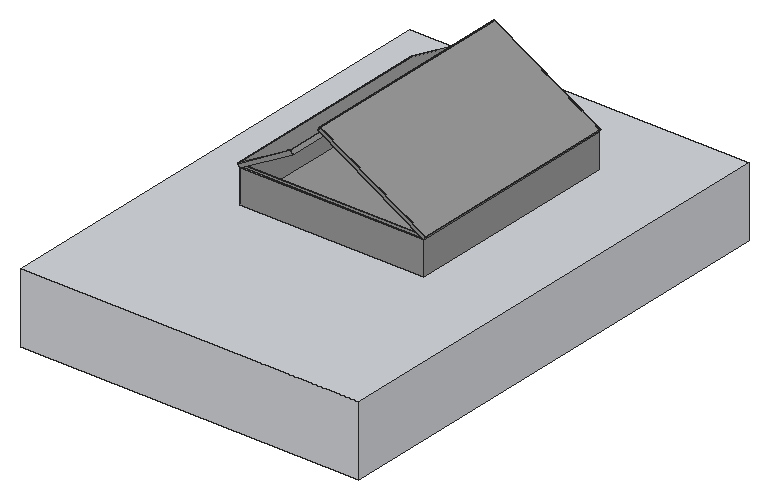
Revit family "Hager-Univers-IP44-D161-Cl.II-FWQ-encl-NL-en", category Equipement électrique, Revit 2020
Family settings
  Hôte = Face
  Configuration du panneau = Deux colonnes, circuits au sein
  Cote de connecteur circulaire = Utiliser le diamètre
  Type d'élément = Tableau de raccordement
  Couper avec des vides une fois chargée = Non
  Partagée = Non
  Point de calcul de pièce = Non
Parameters (values of type "Surface mounted (plaster) IP44 W800 H950 D161  - FWQ63N")
  Width Control [instance] = if([EF000008 - Width] > Min Width, [EF000008 - Width], Min Width)  # 800 mm
  Commentaires du type = [HG000003 - Range]  # "Univers"
  Thickness Door [instance] = if([EF009171 - Material plate thickness door/cover] > 3 mm, 3 mm, [EF009171 - Material plate thickness door/cover])  # 2 mm
  Seal Frame Offset [instance] = 17 mm  # constant formula
  Plinth Visibility [instance] = [HG000027 - Plinth height] > 0 mm  # no
  Model = ""
  Min Width [instance] = 100 mm  # constant formula
  Min Height [instance] = 100 mm  # constant formula
  Min Depth [instance] = (2 * [EF009170 - Material plate thickness cabinet]) + 1 mm  # 5 mm
  Internal Frame Depth [instance] = (Door System Depth * 0.5)  # 9 mm
  Height Control [instance] = if([EF000040 - Height] > Min Height, [EF000040 - Height], Min Height)  # 950 mm
  HG000027 - Plinth height = 0 mm
  HG000026 - Floor standing = no
  HG000024 - Bottom section height = 800 mm
  HG000023 - Double section enclosure = no
  HG000016 - Door 3d visibility [instance] = yes
  HG000015 - Clearance visibility [instance] = no
  HG000014 - Door on the right [instance] = yes
  HG000013 - Door on the left [instance] = not([HG000014 - Door on the right])  # no
  HG000012 - Door swing angle [instance] = 30.00°
  HG000010 - Asymmetric doors = yes
  HG000009 - Double swing door = yes
  HG000006 - Flush mounted = no
  HG000004 - Manufacturer reference = "FWQ63N"
  HG000003 - Range = "Univers"
  HG000002 - With door or cover = yes
  Frame Offset Bottom [instance] = 10 mm  # constant formula
  Frame Offset [instance] = 15 mm  # constant formula
  EF015940 - Cover with overpressure release = no
  EF011959 - Degree of protection (NEMA) = ""
  EF009554 - Number of openings for flange plates = 6
  EF009212 - Cover model = "EV009916 - With notch"
  EF009171 - Material plate thickness door/cover = 2 mm
  EF009170 - Material plate thickness cabinet = 2 mm
  Fabricant = "Hager"  # constant formula
  EF008873 - Nominal current (In) = 125 A
  EF007800 - Suitable for lightning protection = no
  EF006306 - With lock = no
  EF006244 - Transparent cover/door = no
  EF005474 - Degree of protection (IP) = "EV006418 - IP44"
  EF004464 - Type of door = "EV002646 - Single"
  EF004427 - Number of modules = 144
  EF004293 - Impact strength = "EV006815 - IK09"
  EF003532 - Suitable for outdoor use = no
  EF002950 - Width in number of modular spacings = 36
  EF001613 - Circuit integrity = "EV000494 - None"
  EF001596 - Material housing = "EV000179 - Steel"
  EF001131 - Internal depth = 161 mm
  EF001088 - Extension possible = yes
  EF000437 - Number of conduit inlets = 12
  EF000339 - Type of cover = "EV001012 - Cover"
  EF000266 - Number of rows = 3
  EF000218 - Built-in depth = 0 mm
  EF000118 - With mounting plate = yes
  EF000116 - RAL-number = "9010"
  EF000049 - Depth = 161 mm
  EF000040 - Height = 950 mm
  EF000008 - Width = 800 mm
  EF000007 - Colour = "EV000202 - White"
  EF000003 - Mounting method = "EV000384 - Surface mounted (plaster)"
  Door System Leaf Tolerance [instance] = 1.5 mm  # constant formula
  Door System Depth [instance] = 18 mm  # constant formula
  Door Height [instance] = Height Control - [HG000027 - Plinth height]  # 950 mm
  Depth Control [instance] = if([EF000049 - Depth] > Min Depth, [EF000049 - Depth], Min Depth)  # 161 mm
  Default Elevation = 0 mm
  Connector Offset [instance] = Height Control / 2  # 475 mm
  Bottom Top Plate Trim [instance] = 1.5 mm  # constant formula
  Plinth height Ctrl [instance] = if([HG000027 - Plinth height] > 0 mm, [HG000027 - Plinth height], 12 mm)  # 12 mm
Types (14, lengths in mm): name | Width Control | Height Control | HG000010 - Asymmetric doors | HG000009 - Double swing door | HG000004 - Manufacturer reference | EF009554 - Number of openings for flange plates | EF004427 - Number of modules | EF002950 - Width in number of modular spacings | EF000437 - Number of conduit inlets | EF000266 - Number of rows | EF000040 - Height | EF000008 - Width | Door Height | Connector Offset
  Surface mounted (plaster) IP44 W1050 H1100 D161  - FWQ74N | 1050 | 1100 | no | yes | "FWQ74N" | 8 | 240 | 48 | 16 | 4 | 1100 | 1050 | 1100 | 550
  Surface mounted (plaster) IP44 W1050 H500 D161  - FWQ34P | 1050 | 500 | no | yes | "FWQ34P" | 8 | 144 | 48 | 16 | 4 | 500 | 1050 | 500 | 250
  Surface mounted (plaster) IP44 W1050 H650 D161  - FWQ44P | 1050 | 650 | no | yes | "FWQ44P" | 8 | 192 | 48 | 16 | 4 | 650 | 1050 | 650 | 325
  Surface mounted (plaster) IP44 W300 H650 D161  - FWQ41P | 300 | 650 | no | no | "FWQ41P" | 2 | 48 | 12 | 4 | 1 | 650 | 300 | 650 | 325
  Surface mounted (plaster) IP44 W550 H1100 D161  - FWQ72N | 550 | 1100 | no | no | "FWQ72N" | 4 | 120 | 24 | 8 | 2 | 1100 | 550 | 1100 | 550
  Surface mounted (plaster) IP44 W550 H500 D161  - FWQ32P | 550 | 500 | no | no | "FWQ32P" | 4 | 96 | 24 | 8 | 8 | 500 | 550 | 500 | 250
  Surface mounted (plaster) IP44 W550 H650 D161  - FWQ42P | 550 | 650 | no | no | "FWQ42P" | 4 | 96 | 24 | 8 | 2 | 650 | 550 | 650 | 325
  Surface mounted (plaster) IP44 W550 H800 D161  - FWQ52N | 550 | 800 | no | no | "FWQ52N" | 4 | 72 | 24 | 8 | 2 | 800 | 550 | 800 | 400
  Surface mounted (plaster) IP44 W550 H950 D161  - FWQ62N | 550 | 950 | no | no | "FWQ62N" | 4 | 96 | 24 | 8 | 2 | 950 | 550 | 950 | 475
  Surface mounted (plaster) IP44 W800 H1100 D161  - FWQ73N | 800 | 1100 | yes | yes | "FWQ73N" | 6 | 180 | 36 | 12 | 3 | 1100 | 800 | 1100 | 550
  Surface mounted (plaster) IP44 W800 H500 D161  - FWQ33P | 800 | 500 | yes | yes | "FWQ33P" | 6 | 108 | 36 | 12 | 3 | 500 | 800 | 500 | 250
  Surface mounted (plaster) IP44 W800 H650 D161  - FWQ43P | 800 | 650 | yes | yes | "FWQ43P" | 6 | 144 | 36 | 12 | 3 | 650 | 800 | 650 | 325
  Surface mounted (plaster) IP44 W800 H800 D161  - FWQ53N | 800 | 800 | yes | yes | "FWQ53N" | 6 | 108 | 36 | 12 | 3 | 800 | 800 | 800 | 400
  Surface mounted (plaster) IP44 W800 H950 D161  - FWQ63N | 800 | 950 | yes | yes | "FWQ63N" | 6 | 144 | 36 | 12 | 3 | 950 | 800 | 950 | 475
Reference planes
  plane 1 "Center (Front/Back)": y = 0
  plane 2: z = 0
  plane 3 "Center (Left/Right)": x = 0
  plane 4: z = 161
  plane 5: y = 2
  plane 6: y = 475
  plane 7: y = 0
  plane 8: y = 950
  plane 9: z = 0
  plane 10: x = -385
  plane 11: x = 385
  plane 12: x = 383
  plane 13: x = -383
  plane 14: y = 948
  plane 15: x = -383
  plane 16: x = -400
  plane 17: x = 383
  plane 18: x = 400
  plane 19: x = 398
  plane 20: x = -398
  plane 21: y = 12
  plane 22: y = 950
  plane 23: y = 933
  plane 24: z = 143
  plane 25: z = 2
  plane 26: z = 141
  plane 27: z = 159
Forms (mm)
  Extrusion 1, solid
    sketch origin (0, 0, 0) x (1, 0, 0) y (0, 1, 0)
      loop
        line (-702.964, 1305) -> (-702.964, -811.445) -> (766.763, -811.445) -> (766.763, 1305) -> (-702.964, 1305)
    from 0 to -304.8
  Extrusion 2, solid, material "Hager_Steel_RAL7035_Light_Grey", visible <- "Plinth Visibility", detail levels medium+fine
    sketch origin (0, 0, 0) x (1, 0, 0) y (0, 1, 0)
      loop
        line (-400, 0) -> (400, 0) -> (400, 12) -> (-400, 12) -> (-400, 0)
    from 0 to 143
  Extrusion 3, solid, material "Hager_Steel_RAL7035_Light_Grey", detail levels medium+fine
    sketch origin (0, 0, 0) x (1, 0, 0) y (0, 1, 0)
      loop
        line (-400, 0) -> (400, 0) -> (400, 950) -> (-400, 950) -> (-400, 0)
    from 0 to 143
  Extrusion 4, void
    sketch origin (0, 0, 0) x (1, 0, 0) y (0, 1, 0)
      loop
        line (-398, 2) -> (398, 2) -> (398, 948) -> (-398, 948) -> (-398, 2)
    from 2 to 141
  Extrusion 5, void
    sketch origin (-381.607, -4572, 143) x (0, -1, 0) y (-1, 0, 0)
      loop
        line (-4584, 1.393) -> (-5505, 1.393) -> (-5505, -764.607) -> (-4584, -764.607) -> (-4584, 1.393)
    from 0 to 2 <- "EF009170 - Material plate thickness cabinet"
  Extrusion 6, solid, material "Hager_Steel_RAL7035_Light_Grey", detail levels fine
    sketch origin (0, 0, 143) x (1, 0, 0) y (0, 1, 0)
      loop
        line (-383, 933) -> (-383, 12) -> (383, 12) -> (383, 933) -> (-383, 933)
      loop
        line (-385, 10) -> (385, 10) -> (385, 935) -> (-385, 935) -> (-385, 10)
    from 0 to 9 <- "Internal Frame Depth"
  Extrusion 7, solid, material "Hager_Steel_RAL7035_Light_Grey", detail levels coarse
    sketch origin (0, 0, 0) x (1, 0, 0) y (0, 1, 0)
      loop
        line (-400, 0) -> (400, 0) -> (400, 950) -> (-400, 950) -> (-400, 0)
    from 0 to 161
  Sweep 8, void
    path in 3D
      loop
        line (-400, 12, 0) -> (400, 12, 0) -> (400, 12, 143) -> (-400, 12, 143) -> (-400, 12, 0)
    profile origin (-400, 12, 71.5) x (-1, 0, 0) y (0, -1, 0)
      loop
        line (0, 0) -> (0, 1.5) -> (-1.5, 1.5)
        arc (-1.5, 1.5) -> (-1.061, 0.439) -> (0, 0) r 1.5
Cuts and joins
  Extrusion 4, Extrusion 5 cuts Extrusion 3
  Sweep 8 cuts Extrusion 2
Lines and regions (mm)
  Masking region 1
    outline origin (0, 0, 0) x (1, 0, 0) y (0, 0, 1)
      loop
        line (-400, 161) -> (-400, 0) -> (400, 0) -> (400, 161) -> (-400, 161)
  Masking region 2, detail levels medium+fine
    outline origin (0, 140, 0) x (0, 1, 0) y (0, 0, 1)
      loop
        line (-140, 0) -> (810, 0) -> (810, 143) -> (-140, 143) -> (-140, 0)
  Masking region 3, not visible, detail levels medium+fine
    outline origin (0, 297.922, 0) x (0, 1, 0) y (0, 0, 1)
      loop
        line (188.578, 0) -> (228.578, 0) -> (228.578, 149)
        arc (228.578, 149) -> (225.649, 156.071) -> (218.578, 159) r 10
        line (218.578, 159) -> (188.578, 159) -> (188.578, 0)
  Masking region 4, detail levels coarse
    outline origin (0, 0, 180) x (0, 1, 0) y (0, 0, 1)
      loop
        line (0, -180) -> (950, -180) -> (950, -19) -> (0, -19) -> (0, -180)
  Masking region 5, visible <- "Plinth Visibility", detail levels medium+fine
    outline origin (0, 52.24, 12.345) x (0, 0, -1) y (0, 1, 0)
      loop
        line (10.845, -40.24) -> (-129.155, -40.24)
        arc (-129.155, -40.24) -> (-129.594, -41.301) -> (-130.655, -41.74) r 1.5
        line (-130.655, -41.74) -> (-130.655, -52.24) -> (12.345, -52.24) -> (12.345, -41.74)
        arc (12.345, -41.74) -> (11.285, -41.301) -> (10.845, -40.24) r 1.5
  Masking region 6, detail levels medium+fine
    outline origin (-381.607, -4572, 143) x (-1, 0, 0) y (0, -1, 0)
      loop
        line (18.393, -5522) -> (18.393, -4572) -> (-781.607, -4572) -> (-781.607, -5522) -> (18.393, -5522)
  Masking region 7, visible <- "Plinth Visibility", detail levels medium+fine
    outline origin (-381.607, -4727, 143) x (-1, 0, 0) y (0, -1, 0)
      loop
        arc (16.893, -4739) -> (17.332, -4737.939) -> (18.393, -4737.5) r 1.5
        line (18.393, -4737.5) -> (18.393, -4727) -> (-781.607, -4727) -> (-781.607, -4737.5)
        arc (-781.607, -4737.5) -> (-780.546, -4737.939) -> (-780.107, -4739) r 1.5
        line (-780.107, -4739) -> (16.893, -4739)
  Masking region 8, detail levels coarse
    outline origin (-442.548, -4669.526, 143) x (-1, 0, 0) y (0, -1, 0)
      loop
        line (-42.548, -5619.526) -> (-42.548, -4669.526) -> (-842.548, -4669.526) -> (-842.548, -5619.526) -> (-42.548, -5619.526)
  sketch lines
    curve 1: line (-400, 12, 143) -> (-400, 12, 0)
    curve 2: line (400, 12, 143) -> (-400, 12, 143)
    curve 3: line (400, 12, 143) -> (400, 12, 0)
    curve 4: line (-400, 12, 0) -> (400, 12, 0)
Dimensions and locks
  "Depth Control": plane 4 to Extrusion 1
  "HG000027 - Plinth height": plane 1 "Center (Front/Back)" to plane 7
  "EF009170 - Material plate thickness cabinet": plane 5 to plane 7
  locked: connector elem to plane 3 "Center (Left/Right)"
  equal spacing: plane 8, plane 6, plane 7
  locked: connector elem to plane 6
  "EF009170 - Material plate thickness cabinet": plane 8 to plane 14
  "EF009170 - Material plate thickness cabinet": plane 10 to plane 13
  "EF009170 - Material plate thickness cabinet": plane 12 to plane 11
  "Frame Offset": plane 20 to plane 13
  "Frame Offset": plane 12 to plane 19
  "EF009170 - Material plate thickness cabinet": plane 16 to plane 20
  "EF009170 - Material plate thickness cabinet": plane 19 to plane 18
  "Seal Frame Offset": plane 16 to plane 15
  "Seal Frame Offset": plane 17 to plane 18
  "Frame Offset Bottom": plane 21 to plane 5
  "Frame Offset": plane 14 to plane 23
  equal spacing: plane 16, plane 3 "Center (Left/Right)", plane 18
  "Width Control": plane 16 to plane 18
  "EF009170 - Material plate thickness cabinet": plane 4 to plane 27
  "EF009170 - Material plate thickness cabinet": plane 24 to plane 26
  "EF009170 - Material plate thickness cabinet": plane 25 to level
  "Door System Depth": plane 4 to plane 24
  "Height Control": plane 1 "Center (Front/Back)" to Extrusion 7 sketch curve
  "Height Control": Masking region 4 sketch curve to plane 1 "Center (Front/Back)"
  "Height Control": plane 1 "Center (Front/Back)" to plane 22
  "Bottom Top Plate Trim": profile plane to Sweep 8 sketch curve
  "Bottom Top Plate Trim": Sweep 8 sketch curve to profile plane
  "Plinth height Ctrl": plane 1 "Center (Front/Back)" to Extrusion 2 sketch curve
  "Plinth height Ctrl": Masking region 5 sketch curve to plane 1 "Center (Front/Back)"
  "Plinth height Ctrl": plane 1 "Center (Front/Back)" to Masking region 7 sketch curve
  "Thickness Door": Extrusion 6 sketch curve to Extrusion 6 sketch curve  (x3)
  "Thickness Door": cut or joined group of Extrusion 3, Extrusion 4, Extrusion 5 to Extrusion 6 sketch curve
  radius of Masking region 3 sketch curve = 10 mm
  "Bottom Top Plate Trim": radius of Masking region 5 sketch curve  (x2)
  "Bottom Top Plate Trim": radius of Sweep 8 sketch curve
  "Bottom Top Plate Trim": radius of Masking region 7 sketch curve  (x2)
  aligned and locked: plane 2 to Extrusion 1
  aligned and locked: level to Extrusion 1
  aligned and locked: level to Masking region 1 sketch curve
  aligned and locked: Masking region 1 sketch curve to plane 18
  aligned and locked: Masking region 1 sketch curve to plane 16
  aligned and locked: plane 7 to Masking region 2 sketch curve
  aligned and locked: level to Masking region 3 sketch curve
  aligned and locked: Masking region 3 sketch curve to plane 27
  aligned and locked: level to Masking region 2 sketch curve
  aligned and locked: plane 1 "Center (Front/Back)" to Extrusion 2 sketch curve
  aligned and locked: Extrusion 3 sketch curve to plane 7
  aligned and locked: plane 16 to Extrusion 3 sketch curve
  aligned and locked: plane 18 to Extrusion 3 sketch curve
  aligned and locked: plane 20 to Extrusion 4 sketch curve
  aligned and locked: plane 19 to Extrusion 4 sketch curve
  aligned and locked: Extrusion 4 sketch curve to plane 5
  aligned and locked: Extrusion 4 to plane 25
  aligned and locked: plane 26 to Extrusion 4
  aligned and locked: plane 24 to Extrusion 3
  aligned and locked: Extrusion 5 sketch curve to plane 21
  aligned and locked: Extrusion 5 sketch curve to plane 13
  aligned and locked: Extrusion 5 sketch curve to plane 12
  aligned and locked: plane 18 to Extrusion 7 sketch curve
  aligned and locked: plane 1 "Center (Front/Back)" to Extrusion 7 sketch curve
  aligned and locked: plane 16 to Extrusion 7 sketch curve
  aligned and locked: plane 4 to Extrusion 7
  aligned and locked: Extrusion 7 to level
  aligned and locked: level to Masking region 4 sketch curve
  aligned and locked: Masking region 4 sketch curve to plane 1 "Center (Front/Back)"
  aligned and locked: Masking region 4 sketch curve to plane 4
  aligned and locked: nested 1 to level
  aligned and locked: nested 1 to plane 16
  aligned and locked: plane 8 to Extrusion 3 sketch curve
  aligned and locked: plane 23 to Extrusion 5 sketch curve
  aligned and locked: plane 14 to Extrusion 4 sketch curve
  aligned and locked: Masking region 2 sketch curve to plane 8
  aligned and locked: level to Masking region 5 sketch curve
  aligned and locked: plane 16 to Extrusion 2 sketch curve
  aligned and locked: plane 18 to Extrusion 2 sketch curve
  aligned and locked: Masking region 5 sketch curve to plane 24
  aligned and locked: Masking region 2 sketch curve to plane 24
  aligned and locked: plane 24 to Extrusion 2
  aligned and locked: profile plane to Sweep 8 sketch curve  (x2)
  aligned and locked: Masking region 6 sketch curve to plane 18
  aligned and locked: Masking region 6 sketch curve to plane 22
  aligned and locked: Masking region 6 sketch curve to plane 16
  aligned and locked: plane 8 to plane 22
  aligned and locked: Masking region 6 sketch curve to plane 7
  aligned and locked: Masking region 7 sketch curve to plane 16
  aligned and locked: Masking region 7 sketch curve to plane 1 "Center (Front/Back)"
  aligned and locked: Masking region 7 sketch curve to plane 18
  aligned and locked: Masking region 8 sketch curve to plane 1 "Center (Front/Back)"
  aligned and locked: Masking region 8 sketch curve to plane 18
  aligned and locked: Masking region 8 sketch curve to plane 22
  aligned and locked: Masking region 8 sketch curve to plane 16
  aligned and locked: nested 2 to plane 7
  aligned and locked: plane 3 "Center (Left/Right)" to nested 2
  aligned and locked: nested 2 to plane 24
  aligned and locked: Extrusion 6 sketch curve to cut or joined group of Extrusion 3, Extrusion 4, Extrusion 5  (x4)
Automatic sketch dimensions
  Extrusion 1 sketch curve to Extrusion 1 sketch curve = 1469.727 mm
  Extrusion 1 sketch curve to Extrusion 1 sketch curve = 2116.445 mm
  Masking region 1 sketch curve to plane 4 = 0 mm
  plane 6 to Masking region 3 sketch curve = 11.5 mm
  Masking region 3 sketch curve to Masking region 3 sketch curve = 30 mm
  Masking region 5 sketch curve to plane 1 "Center (Front/Back)" = 0 mm
Nested families
  nested 1: "Hager_Enclosure_Symbol" at (-400, 0, 0) x (1, 0, 0) z (0, -1, 0), Height <- "Depth Control", Width <- "Width Control", type "Hager_Enclosure_Symbol"
    with Width_Ctrl 800 mm, Width 800 mm, Height_Ctrl 161 mm, Height 161 mm, A_Width_Int 10.566 mm, A_Width 126.788 mm, A_Height_Ctrl 140.875 mm, A_Height 140.875 mm
  nested 2: "EC000058_Univers_Door" at (0, 0, 143) x (1, 0, 0) z (0, 1, 0), Leaf_Tolerance <- "Door System Leaf Tolerance", Angle <- "HG000012 - Door swing angle", Door_Depth <- "Door System Depth", Door_Left <- "HG000013 - Door on the left", Transparent <- "EF006244 - Transparent cover/door", Assymetrical <- "HG000010 - Asymmetric doors", Width <- "Width Control", Clearance <- "HG000015 - Clearance visibility", Double <- "HG000009 - Double swing door", 3d_Door <- "HG000016 - Door 3d visibility", Lock_Visibility <- "EF006306 - With lock", Width_Ctrl <- "Width Control", Door_Right <- "HG000014 - Door on the right", Door <- "HG000002 - With door or cover", Height <- "Door Height", Thickness <- "Thickness Door", type "EC000058_Univers_Door", detail levels medium+fine
    with min_wh 5 mm, Width_Ctrl 800 mm, Width 800 mm, Transparent no, Thickness 2 mm, Seal_Material Hager_Rubber, Lock_Visibility no, Lock_Material Hager_Plastic_RAL9005_Jet_Black, Leaf_Width 800 mm, Leaf_Tolerance_External_Sides 0 mm, Leaf_Tolerance 1.5 mm, Leaf_Offset 0 mm, Leaf_Height 947 mm, Leaf_2_Width 532.583 mm, Leaf_2_Offset 266.292 mm, Leaf_1_Width 265.917 mm, Leaf_1_Offset 132.958 mm, Height_Ctrl 950 mm, Height 950 mm, Glass_Material Hager_Glass, Double_Clearance_Ctrl no, Double yes, Door_Right_Ctrl yes, Door_Right yes, Door_Material Hager_Steel_RAL7035_Light_Grey, Door_Left_Ctrl yes, Door_Left no, Door_Depth 18 mm, Door yes, Clearance_Material Hager_Clearance, Clearance_Depth 532.583 mm, Clearance_Ctrl no, Clearance no, Assymetrical yes, Angle 30.00°, 3d_Door yes
Connectors
  electrical at (0, 475, 0)
    settings: on plane 9, index 1, voltage 0 V, apparent load 0 VA, apparent load phase1 0 VA, apparent load phase2 0 VA, apparent load phase3 0 VA, power factor 1, load classification "Other", number of poles 1, system type 30, power factor state 1, is connector primary yes, connector utility no, sub classification motor no, connector description ""
Definition of nested family "EC000058_Univers_Door"
  Parameters (values of type "EC000058_Univers_Door")
    min_wh [instance] = (2 * Thickness) + 1 mm  # 11 mm
    Width_Ctrl [instance] = 400 mm
    Width [instance] = 500 mm
    Transparent [instance] = yes
    Thickness [instance] = 5 mm
    Seal_Material [instance] = none
    Lock_Visibility [instance] = yes
    Lock_Material [instance] = none
    Leaf_Width [instance] = if((Width_Ctrl - 2 * Leaf_Tolerance_External_Sides) > 0 mm, (Width_Ctrl - 2 * Leaf_Tolerance_External_Sides), min_wh)  # 400 mm
    Leaf_Tolerance_External_Sides [instance] = 0 mm  # constant formula
    Leaf_Tolerance [instance] = 1.5 mm
    Leaf_Offset [instance] = 0 mm  # constant formula
    Leaf_Height [instance] = if((Height_Ctrl - 2 * Leaf_Tolerance) > 0 mm, (Height_Ctrl - 2 * Leaf_Tolerance), min_wh)  # 497 mm
    Leaf_2_Width [instance] = if(and(and(Double, Assymetrical), Door_Left), (Leaf_Width / 3) - (Leaf_Tolerance / 2), if(and(and(Double, Assymetrical), Door_Right), (Leaf_Width / 3) * 2 - (Leaf_Tolerance / 2), if(and(Double, not(Assymetrical)), (Leaf_Width / 2) - Leaf_Tolerance, Leaf_Width)))  # 400 mm
    Leaf_2_Offset [instance] = if(and(Double, Assymetrical), Leaf_2_Width / 2, if(and(Double, not(Assymetrical)), Leaf_Width / 4, Leaf_Width / 2))  # 200 mm
    Leaf_1_Width [instance] = if(and(and(Double, Assymetrical), Door_Right), (Leaf_Width / 3) - (Leaf_Tolerance / 2), if(and(and(Double, Assymetrical), Door_Left), (Width / 3) * 2 - (Leaf_Tolerance / 2), if(and(Double, not(Assymetrical)), (Leaf_Width / 2) - Leaf_Tolerance, Leaf_Width)))  # 400 mm
    Leaf_1_Offset [instance] = if(and(Double, Assymetrical), Leaf_1_Width / 2, if(and(Double, not(Assymetrical)), Leaf_Width / 4, Leaf_Width / 2))  # 200 mm
    Height_Ctrl [instance] = if(Height > min_wh, Height, min_wh)  # 500 mm
    Height [instance] = 500 mm
    Glass_Material [instance] = none
    Double_Clearance_Ctrl [instance] = and(Double, Clearance)  # no
    Double [instance] = no
    Door_Right_Ctrl [instance] = and(or(Door_Right, Double), Door)  # yes
    Door_Right [instance] = yes
    Door_Material [instance] = none
    Door_Left_Ctrl [instance] = and(or(Door_Left, Double), Door)  # no
    Door_Left [instance] = no
    Door_Depth [instance] = 30 mm
    Door [instance] = yes
    Default Elevation = 1219.2 mm
    Clearance_Material [instance] = none
    Clearance_Depth [instance] = if(Leaf_1_Width > Leaf_2_Width, Leaf_1_Width, Leaf_2_Width)  # 400 mm
    Clearance_Ctrl [instance] = and(not(Double), Clearance)  # yes
    Clearance [instance] = yes
    Assymetrical [instance] = yes
    Angle [instance] = 30.00°
    3d_Door [instance] = yes
  Reference planes
    plane 1 "Center (Front/Back)": y = 0
    plane 2 "Bottom": z = 0
    plane 3 "Center (Left/Right)": x = 0
    plane 4: z = 500
    plane 5: x = -200
    plane 6: x = 200
    plane 7: z = 500
    plane 8: x = -200
    plane 9: z = 0
    plane 10: x = 200
    plane 11: y = 0
    plane 12: z = 1.5
    plane 13: x = -600
    plane 14: y = -400
    plane 15: x = 600
    plane 16: x = 0
    plane 17: x = 0
    plane 18: x = -200
    plane 19: x = 200
    plane 20: z = 498.5
  Forms (mm)
    Extrusion 1, solid, material <- "Clearance_Material", visible <- "Double_Clearance_Ctrl"
      sketch origin (1200, 0, 0) x (1, 0, 0) y (0, 0, -1)
        loop
          line (-1800, -498.5) -> (-600, -498.5) -> (-600, 0) -> (-1800, 0) -> (-1800, -498.5)
      from 0 to -400
  Dimensions and locks
    equal spacing: plane 5, plane 3 "Center (Left/Right)", plane 6
    "Width_Ctrl": plane 5 to plane 6
    "Leaf_Offset": plane 5 to plane 8
    "Leaf_Offset": plane 6 to plane 10
    "Leaf_Offset": plane 9 to level
    "Leaf_Offset": plane 4 to plane 7
    "Height_Ctrl": plane 4 to level
    "Leaf_Tolerance": plane 12 to plane 9
    locked: plane 11 to plane 1 "Center (Front/Back)"
    "Leaf_1_Offset": plane 18 to plane 16
    "Leaf_2_Offset": plane 17 to plane 19
    "Leaf_1_Width": plane 13 to plane 8
    "Leaf_2_Width": plane 10 to plane 15
    "Clearance_Depth": plane 14 to plane 1 "Center (Front/Back)"
    "Leaf_Tolerance_External_Sides": plane 8 to plane 18
    "Leaf_Tolerance_External_Sides": plane 19 to plane 10
    "Leaf_Tolerance": plane 7 to plane 20
    aligned and locked: level to plane 2 "Bottom"
    aligned and locked: nested 1 to plane 16
    aligned and locked: nested 2 to plane 17
    aligned and locked: Extrusion 1 to plane 13
    aligned and locked: plane 15 to Extrusion 1
    aligned and locked: Extrusion 1 to plane 14
    aligned and locked: plane 12 to nested 1
    aligned and locked: nested 2 to plane 12
    aligned and locked: Extrusion 1 to plane 11
    aligned and locked: plane 20 to Extrusion 1
    aligned and locked: nested 2 to plane 11
    aligned and locked: nested 1 to plane 11
  Automatic sketch dimensions
    Extrusion 1 sketch curve to level = 0 mm
    plane 5 to Extrusion 1 sketch curve = 400 mm
    plane 6 to Extrusion 1 sketch curve = 400 mm
    Extrusion 1 sketch curve to plane 4 = 1.5 mm
  Nested families
    nested 1: "EC000058_Univers_Door_Leaf" at (0, 0, 1.5), Width <- "Leaf_1_Width", visible <- "Door_Left_Ctrl", Leaf_Height <- "Leaf_Height", Angle <- "Angle", 3d_Door <- "3d_Door", Transparent <- "Transparent", Clearance Material <- "Clearance_Material", Clearance <- "Clearance_Ctrl", Door_Material <- "Door_Material", Glass_Material <- "Glass_Material", Door_Depth <- "Door_Depth", Lock_Material <- "Lock_Material", Seal_Material <- "Seal_Material", Lock_Visibility <- "Lock_Visibility", Thickness <- "Thickness", type "EC000058_Univers_Door_Leaf"
      with Width 400 mm, Transparent_Glass_Offset 30 mm, Transparent_Ctrl yes, Transparent yes, Thickness 5 mm, Standard no, Seal_Material none, Seal_D2 8 mm, Seal_D1 1 mm, Offset_Internal_Frame 10 mm, Lock_Width 20 mm, Lock_Visibility_3d yes, Lock_Visibility yes, Lock_Thickness_3 3 mm, Lock_Thickness_2 1 mm, Lock_Thickness_1 3 mm, Lock_Radius_Offset_2 16 mm, Lock_Radius_Offset_1 15 mm, Lock_Radius_2 5 mm, Lock_Radius 6 mm, Lock_Offset 5 mm, Lock_Material none, Lock_Height 80 mm, Lock_Cover_Top_Offset_2d 17 mm, Lock_Cover_Height -65 mm, Leaf_Height 497 mm, Internal_Seal_Thickness 8 mm, Internal_Seal_Depth_2 4.5 mm, Internal_Frame_Depth 25 mm, Glass_Thickness -1 mm, Glass_Offset -2 mm, Glass_Material none, Door_Material none, Door_Depth 30 mm, Clearance Material none, Clearance yes, Angle_Ctrl 30.00°, Angle 30.00°, 3d_Door yes
    nested 2: "EC000058_Univers_Door_Leaf" at (0, 0, 1.5) x (-1, 0, 0) z (0, 0, 1), Width <- "Leaf_2_Width", visible <- "Door_Right_Ctrl", Leaf_Height <- "Leaf_Height", Angle <- "Angle", 3d_Door <- "3d_Door", Transparent <- "Transparent", Clearance Material <- "Clearance_Material", Clearance <- "Clearance_Ctrl", Door_Material <- "Door_Material", Glass_Material <- "Glass_Material", Door_Depth <- "Door_Depth", Lock_Material <- "Lock_Material", Seal_Material <- "Seal_Material", Lock_Visibility <- "Lock_Visibility", Thickness <- "Thickness", type "EC000058_Univers_Door_Leaf"
      with Width 400 mm, Transparent_Glass_Offset 30 mm, Transparent_Ctrl yes, Transparent yes, Thickness 5 mm, Standard no, Seal_Material none, Seal_D2 8 mm, Seal_D1 1 mm, Offset_Internal_Frame 10 mm, Lock_Width 20 mm, Lock_Visibility_3d yes, Lock_Visibility yes, Lock_Thickness_3 3 mm, Lock_Thickness_2 1 mm, Lock_Thickness_1 3 mm, Lock_Radius_Offset_2 16 mm, Lock_Radius_Offset_1 15 mm, Lock_Radius_2 5 mm, Lock_Radius 6 mm, Lock_Offset 5 mm, Lock_Material none, Lock_Height 80 mm, Lock_Cover_Top_Offset_2d 17 mm, Lock_Cover_Height -65 mm, Leaf_Height 497 mm, Internal_Seal_Thickness 8 mm, Internal_Seal_Depth_2 4.5 mm, Internal_Frame_Depth 25 mm, Glass_Thickness -1 mm, Glass_Offset -2 mm, Glass_Material none, Door_Material none, Door_Depth 30 mm, Clearance Material none, Clearance yes, Angle_Ctrl 30.00°, Angle 30.00°, 3d_Door yes
  Definition of nested family "EC000058_Univers_Door_Leaf"
    Parameters (values of type "EC000058_Univers_Door_Leaf")
      Width [instance] = 2000 mm
      Transparent_Glass_Offset [instance] = 30 mm
      Transparent_Ctrl [instance] = and(Transparent, [3d_Door])  # yes
      Transparent [instance] = yes
      Thickness [instance] = 5 mm
      Standard [instance] = and(not(Transparent), [3d_Door])  # no
      Seal_Material [instance] = none
      Seal_D2 [instance] = 8 mm  # constant formula
      Seal_D1 [instance] = 1 mm  # constant formula
      Offset_Internal_Frame [instance] = 10 mm  # constant formula
      Lock_Width [instance] = 20 mm  # constant formula
      Lock_Visibility_3d [instance] = and(Lock_Visibility, [3d_Door])  # yes
      Lock_Visibility [instance] = yes
      Lock_Thickness_3 [instance] = 3 mm  # constant formula
      Lock_Thickness_2 [instance] = 1 mm  # constant formula
      Lock_Thickness_1 [instance] = 3 mm  # constant formula
      Lock_Radius_Offset_2 [instance] = Lock_Radius_Offset_1 + 1 mm  # 16 mm
      Lock_Radius_Offset_1 [instance] = 15 mm  # constant formula
      Lock_Radius_2 [instance] = Lock_Radius - 1 mm  # 5 mm
      Lock_Radius [instance] = 6 mm  # constant formula
      Lock_Offset [instance] = 5 mm  # constant formula
      Lock_Material [instance] = none
      Lock_Height [instance] = 80 mm  # constant formula
      Lock_Cover_Top_Offset_2d [instance] = Lock_Radius_Offset_2 + 1 mm  # 17 mm
      Lock_Cover_Height [instance] = -(Lock_Height - Lock_Radius_Offset_1)  # -65 mm
      Leaf_Height [instance] = 2720.336 mm
      Internal_Seal_Thickness [instance] = 8 mm  # constant formula
      Internal_Seal_Depth_2 [instance] = 4.5 mm  # constant formula
      Internal_Frame_Depth [instance] = if(Door_Depth - Thickness > 5 mm, Door_Depth - Thickness, 5 mm)  # 25 mm
      Glass_Thickness [instance] = if(Thickness > 15 mm, Glass_Offset + 10 mm, -1 mm)  # -1 mm
      Glass_Offset [instance] = if(Thickness > 15 mm, -(Thickness + 10 mm) / 2, -2 mm)  # -2 mm
      Glass_Material [instance] = none
      Door_Material [instance] = none
      Door_Depth [instance] = 30 mm
      Default Elevation = 0 mm
      Clearance Material [instance] = none
      Clearance [instance] = yes
      Angle_Ctrl [instance] = if(Angle > 180.00°, 180.00°, Angle)  # 90.00°
      Angle [instance] = 90.00°
      3d_Door [instance] = yes
    Reference planes
      plane 1 "Center (Front/Back)": y = 0
      plane 2: z = 0
      plane 3 "Center (Left/Right)": x = 0
      plane 4: y = 2000
      plane 5: x = -1000
      plane 6: x = 1000
      plane 7: x = -3000
      plane 8: z = 2720.336
      plane 9: z = 30
      plane 10: z = 2690.336
      plane 11: x = 970
      plane 12: x = -970
      plane 13: y = -3
      plane 14: z = 107.833
      plane 15: y = -5
      plane 16: y = -223.314
      plane 17: x = -1000
      plane 18: z = 1360.168
      plane 19: y = 30
    Forms (mm)
      Extrusion 1, solid, material <- "Clearance Material", visible <- "Clearance"
        sketch origin (0, 0, 0) x (1, 0, 0) y (0, 0, 1)
          loop
            line (-3000, 2720.336) -> (-3000, 0) -> (1000, 0) -> (1000, 2720.336) -> (-3000, 2720.336)
        from 0 to -2000
      Extrusion 2, solid, material <- "Door_Material", visible <- "Standard", detail levels medium+fine
        sketch origin (-1000, 0, 0) x (0, 1, 0) y (-1, 0, 0)
          loop
            line (0, 30) -> (0, 25) -> (2000, 25) -> (2000, 30) -> (0, 30)
        from 0 to 2720.336 <- "Leaf_Height"
      Extrusion 3, solid, material <- "Door_Material", visible <- "Transparent_Ctrl", detail levels medium+fine
        sketch origin (-1000, 0, 0) x (0, 1, 0) y (-1, 0, 0)
          loop
            line (0, 25) -> (2000, 25) -> (2000, 30) -> (0, 30) -> (0, 25)
        from 0 to 2720.336 <- "Leaf_Height"
      Extrusion 4, void
        sketch origin (-1025, 2000, 0) x (0, 1, 0) y (0, 0, -1)
          loop
            line (-30, -2690.336) -> (-30, -30) -> (-1970, -30) -> (-1970, -2690.336) -> (-30, -2690.336)
        from 0 to 5 <- "Thickness"
      Sweep 5, solid, material <- "Seal_Material", visible <- "Transparent_Ctrl", detail levels fine
        path in 3D
          loop
            line (-1025, 30, 30) -> (-1025, 30, 2690.336) -> (-1025, 1970, 2690.336) -> (-1025, 1970, 30) -> (-1025, 30, 30)
        profile origin (-1025, 1000, 30) x (1, 0, 0) y (0, 0, 1)
          loop
            line (0, 0) -> (0, -8) -> (1, -8) -> (1, 0) -> (0, 0)
      Extrusion 6, solid, material <- "Glass_Material", visible <- "Transparent_Ctrl", detail levels medium+fine
        sketch origin (-1030, 0, 0) x (0, 1, 0) y (0, 0, -1)
          loop
            line (1970, -2690.336) -> (1970, -30) -> (30, -30) -> (30, -2690.336) -> (1970, -2690.336)
        from -2 <- "Glass_Offset" to -1 <- "Glass_Thickness"
      Extrusion 7, solid, material <- "Door_Material", visible <- "3d_Door", detail levels medium+fine
        sketch origin (-1025, 2000, 0) x (0, -1, 0) y (0, 0, -1)
          loop
            line (0, -2720.336) -> (2000, -2720.336) -> (2000, 0) -> (0, 0) -> (0, -2720.336)
          loop
            line (1995, -5) -> (5, -5) -> (5, -2715.336) -> (1995, -2715.336) -> (1995, -5)
        from 0 to 25 <- "Internal_Frame_Depth"
      Sweep 8, solid, material <- "Seal_Material", visible <- "Transparent_Ctrl", detail levels fine
        path in 3D
          loop
            line (-1025, 0, 0) -> (-1025, 2000, 0) -> (-1025, 2000, 2720.336) -> (-1025, 0, 2720.336) -> (-1025, 0, 0)
        profile origin (-1025, 0, 1360.168) x (1, 0, 0) y (0, 1, 0)
          loop
            line (0, 10) -> (2.975, 10)
            arc (2.975, 10) -> (4.053, 10.447) -> (4.5, 11.525) r 1.525
            line (4.5, 11.525) -> (4.5, 16.527)
            arc (4.5, 16.527) -> (4.069, 17.569) -> (3.027, 18) r 1.473
            line (3.027, 18) -> (0, 18) -> (0, 10)
      Extrusion 9, solid, material <- "Lock_Material", visible <- "Lock_Visibility_3d", detail levels fine
        sketch origin (-1030, 0, 0) x (0, 1, 0) y (0, 0, -1)
          loop
            arc (1993.5, -1400.168) -> (1994.561, -1399.729) -> (1995, -1398.668) r 1.5
            line (1995, -1398.668) -> (1995, -1320.168) -> (1975, -1320.168) -> (1975, -1398.668)
            arc (1975, -1398.668) -> (1975.439, -1399.729) -> (1976.5, -1400.168) r 1.5
            line (1976.5, -1400.168) -> (1993.5, -1400.168)
        from 3 <- "Lock_Thickness_1" to 0
      Blend 10, solid, material <- "Lock_Material", visible <- "Lock_Visibility_3d", detail levels fine
        base sketch origin (-1033, 0, 0) x (0, 1, 0) y (0, 0, -1)
          loop
            line (1975, -1320.168) -> (1975, -1398.668)
            arc (1975, -1398.668) -> (1975.439, -1399.729) -> (1976.5, -1400.168) r 1.5
            line (1976.5, -1400.168) -> (1993.5, -1400.168)
            arc (1993.5, -1400.168) -> (1994.561, -1399.729) -> (1995, -1398.668) r 1.5
            line (1995, -1398.668) -> (1995, -1320.168) -> (1975, -1320.168)
        top sketch origin (-1033, 0, 0) x (0, 1, 0) y (0, 0, -1)
          loop
            line (1976, -1320.168) -> (1976, -1398.668)
            arc (1976, -1398.668) -> (1976.146, -1399.022) -> (1976.5, -1399.168) r 0.5
            line (1976.5, -1399.168) -> (1993.5, -1399.168)
            arc (1993.5, -1399.168) -> (1993.854, -1399.022) -> (1994, -1398.668) r 0.5
            line (1994, -1398.668) -> (1994, -1320.168) -> (1976, -1320.168)
        from 0 to 1 <- "Lock_Thickness_2"
      Blend 11, solid, material <- "Lock_Material", visible <- "Lock_Visibility_3d", detail levels fine
        base sketch origin (-1034, 0, 0) x (0, 1, 0) y (0, 0, -1)
          loop
            line (1978, -1320.168) -> (1978, -1384.168)
            arc (1978, -1384.168) -> (1985, -1391.168) -> (1992, -1384.168) r 7
            line (1992, -1384.168) -> (1992, -1320.168) -> (1978, -1320.168)
        top sketch origin (-1034, 0, 0) x (0, 1, 0) y (0, 0, -1)
          loop
            line (1991, -1320.168) -> (1979, -1320.168) -> (1979, -1383.168)
            arc (1979, -1383.168) -> (1985, -1389.168) -> (1991, -1383.168) r 6
            line (1991, -1383.168) -> (1991, -1320.168)
        from 0 to 3 <- "Lock_Thickness_3"
      Extrusion 12, solid, material <- "Lock_Material", visible <- "Lock_Visibility_3d", detail levels fine
        sketch origin (-1030, 1975, 1320.168) x (1, 0, 0) y (0, -1, 0)
          loop
            line (-7, -19) -> (-7, -1) -> (0, -1) -> (0, 0) -> (-8, 0) -> (-8, -20) -> (0, -20) -> (0, -19) -> (-7, -19)
        from 0 to -65 <- "Lock_Cover_Height"
      Extrusion 13, void
        sketch origin (-1038, 1995, 1320.168) x (-1, 0, 0) y (0, 0, -1)
          loop
            line (-5, -65) -> (0, -65) -> (-5, -60) -> (-5, -65)
        from 0 to 20 <- "Lock_Width"
      Extrusion 14, void
        sketch origin (-1038, 1975, 1320.168) x (0, -1, 0) y (0, 0, -1)
          loop
            circle (-10, -15.995) r 6
          loop
            circle (-10, -15.995) r 5
        from 0 to 2
      Extrusion 15, solid, material <- "Lock_Material", visible <- "Lock_Visibility_3d", detail levels medium
        sketch origin (-1030, 0, 0) x (0, 1, 0) y (0, 0, -1)
          loop
            arc (1993.5, -1400.168) -> (1994.561, -1399.729) -> (1995, -1398.668) r 1.5
            line (1995, -1398.668) -> (1995, -1320.168) -> (1975, -1320.168) -> (1975, -1398.668)
            arc (1975, -1398.668) -> (1975.439, -1399.729) -> (1976.5, -1400.168) r 1.5
            line (1976.5, -1400.168) -> (1993.5, -1400.168)
        from 8 to 0
    Cuts and joins
      Extrusion 4 cuts Extrusion 3
      Extrusion 13, Extrusion 14 cuts Extrusion 9
      Extrusion 14 cuts Blend 11
      Extrusion 13, Extrusion 14 cuts Extrusion 12
      joined: Extrusion 9, Blend 10, Blend 11, Extrusion 12
      Extrusion 14 cuts Extrusion 15
    Lines and regions (mm)
      Masking region 1, visible <- "Lock_Visibility", detail levels fine
        outline origin (0, 0, 0) x (0, 1, 0) y (0, 0, 1)
          loop
            line (30, 1320.168) -> (33, 1320.168) -> (33, 1400.168) -> (30, 1400.168) -> (30, 1320.168)
      Masking region 2, visible <- "Lock_Visibility", detail levels fine
        outline origin (0, 3.143, 0) x (0, 1, 0) y (0, 0, 1)
          loop
            line (29.857, 1354.168) -> (30.857, 1354.168) -> (30.857, 1366.168) -> (29.857, 1366.168) -> (29.857, 1354.168)
      Masking region 3, detail levels medium+fine
        outline origin (0, 0, 0) x (0, 1, 0) y (0, 0, 1)
          loop
            line (0, 0) -> (30, 0) -> (30, 2720.336) -> (0, 2720.336) -> (0, 0)
      Masking region 4, detail levels medium+fine
        outline origin (0, 0, 0) x (1, 0, 0) y (0, 0, 1)
          loop
            line (-1000, 2720.336) -> (-1000, 0) -> (1000, 0) -> (1000, 2720.336) -> (-1000, 2720.336)
      Masking region 5, visible <- "Lock_Visibility", detail levels fine
        outline origin (-47.116, 0, 0) x (1, 0, 0) y (0, 0, 1)
          loop
            arc (1024.616, 1399.168) -> (1023.556, 1398.729) -> (1023.116, 1397.668) r 1.5
            line (1023.116, 1397.668) -> (1023.116, 1320.168) -> (1041.116, 1320.168) -> (1041.116, 1397.668)
            arc (1041.116, 1397.668) -> (1040.677, 1398.729) -> (1039.616, 1399.168) r 1.5
            line (1039.616, 1399.168) -> (1024.616, 1399.168)
      Masking region 6, visible <- "Lock_Visibility", detail levels medium+fine
        outline origin (-25, 0, 0) x (1, 0, 0) y (0, 0, 1)
          loop
            arc (1001.5, 1400.168) -> (1000.439, 1399.729) -> (1000, 1398.668) r 1.5
            line (1000, 1398.668) -> (1000, 1320.168) -> (1020, 1320.168) -> (1020, 1398.668)
            arc (1020, 1398.668) -> (1019.561, 1399.729) -> (1018.5, 1400.168) r 1.5
            line (1018.5, 1400.168) -> (1001.5, 1400.168)
      Masking region 7, visible <- "Lock_Visibility", detail levels fine
        outline origin (-73.735, 0, 0) x (1, 0, 0) y (0, 0, 1)
          loop
            line (1051.735, 1382.168) -> (1065.735, 1382.168) -> (1065.735, 1384.168)
            arc (1065.735, 1384.168) -> (1058.735, 1391.168) -> (1051.735, 1384.168) r 7
            line (1051.735, 1384.168) -> (1051.735, 1382.168)
      Masking region 8, visible <- "Lock_Visibility", detail levels fine
        outline origin (-73.735, 0, 0) x (1, 0, 0) y (0, 0, 1)
          loop
            line (1052.735, 1382.168) -> (1064.735, 1382.168) -> (1064.735, 1383.168)
            arc (1064.735, 1383.168) -> (1058.735, 1389.168) -> (1052.735, 1383.168) r 6
            line (1052.735, 1383.168) -> (1052.735, 1382.168)
      Masking region 9, visible <- "Lock_Visibility", detail levels fine
        outline origin (-25, 0, 0) x (1, 0, 0) y (0, 0, 1)
          loop
            line (1020, 1320.168) -> (1020, 1382.168) -> (1000, 1382.168) -> (1000, 1320.168) -> (1020, 1320.168)
      Masking region 10, detail levels medium+fine
        outline origin (0, 0, 0) x (1, 0, 0) y (0, 0, 1)
          loop
            circle (985, 1335.144) r 6
      Masking region 11, detail levels fine
        outline origin (0, 0, 0) x (1, 0, 0) y (0, 0, 1)
          loop
            circle (985, 1335.144) r 5
      Masking region 12, visible <- "Lock_Visibility", detail levels fine
        outline origin (0, 12.767, 0) x (0, 1, 0) y (0, 0, 1)
          loop
            line (20.233, 1320.168) -> (21.233, 1320.168) -> (21.233, 1399.168) -> (20.233, 1400.168) -> (20.233, 1320.168)
      Masking region 13, visible <- "Lock_Visibility", detail levels fine
        outline origin (0, 13.767, -10) x (0, 1, 0) y (0, 0, 1)
          loop
            line (20.233, 1330.168) -> (23.233, 1330.168) -> (23.233, 1399.168) -> (20.233, 1402.168) -> (20.233, 1330.168)
      Masking region 14, visible <- "Lock_Visibility", detail levels fine
        outline origin (0, 12.767, -10) x (0, 1, 0) y (0, 0, 1)
          loop
            line (20.233, 1330.168) -> (25.233, 1330.168) -> (25.233, 1399.305) -> (20.233, 1394.305) -> (20.233, 1330.168)
      Masking region 15, visible <- "Lock_Visibility", detail levels medium
        outline origin (0, 0, 0) x (0, 1, 0) y (0, 0, 1)
          loop
            line (30, 1320.168) -> (38, 1320.168) -> (38, 1400.168) -> (30, 1400.168) -> (30, 1320.168)
      Masking region 16, visible <- "Lock_Visibility", detail levels fine
        outline origin (-1000, 0, 0) x (0, 1, 0) y (-1, 0, 0)
          loop
            line (1975, 30) -> (1995, 30) -> (1995, 38) -> (1975, 38) -> (1975, 30)
          loop
            line (1979, 37) -> (1976, 37) -> (1976, 34) -> (1978, 34) -> (1979, 37)
          loop
            line (1994, 37) -> (1991, 37) -> (1992, 34) -> (1994, 34) -> (1994, 37)
      Masking region 17, visible <- "Lock_Visibility", detail levels medium
        outline origin (-1000, 0, 0) x (0, 1, 0) y (-1, 0, 0)
          loop
            line (1975, 30) -> (1995, 30) -> (1995, 38) -> (1975, 38) -> (1975, 30)
      symbolic lines
        curve 1: line (1000, 0, 0) -> (-3000, 0, 0)
        curve 2: arc (1000, 0, 0) -> (-1000, 2000, 0) -> (-3000, 0, 0) r 2000
        curve 4: line (-1030, 0, 0) -> (-1030, 2000, 0)
      reference lines
        curve 3: line (-1000, 0, 0) -> (-1000, 2000, 0)
      symbolic lines, detail levels medium+fine
        curve 5: line (-1030, 2000, 0) -> (-1025, 2000, 0)
        curve 7: line (-1025, 0, 0) -> (-1030, 0, 0)
        curve 8: line (-1025, 0, 0) -> (-1000, 0, 0)
        curve 9: line (-1000, 0, 0) -> (-1000, 2000, 0)
        curve 10: line (-1000, 2000, 0) -> (-1025, 2000, 0)
      symbolic lines, detail levels fine
        curve 6: line (-1025, 2000, 0) -> (-1025, 0, 0)
      sketch lines
        curve 11: line (-1025, 0, 2720.336) -> (-1025, 0, 0)
        curve 12: line (-1025, 2000, 0) -> (-1025, 0, 0)
        curve 13: line (-1025, 2000, 2720.336) -> (-1025, 2000, 0)
        curve 14: line (-1025, 0, 2720.336) -> (-1025, 2000, 2720.336)
        curve 15: line (-1025, 1970, 30) -> (-1025, 30, 30)
        curve 16: line (-1025, 30, 30) -> (-1025, 30, 2690.336)
        curve 17: line (-1025, 1970, 2690.336) -> (-1025, 1970, 30)
        curve 18: line (-1025, 30, 2690.336) -> (-1025, 1970, 2690.336)
      symbolic lines, visible <- "Transparent", detail levels medium+fine
        curve 19: line (-970, 0, 2690.336) -> (970, 0, 2690.336)
        curve 20: line (-970, 0, 30) -> (-970, 0, 2690.336)
        curve 21: line (970, 0, 30) -> (-970, 0, 30)
        curve 22: line (970, 0, 2690.336) -> (970, 0, 30)
    Dimensions and locks
      "Width": plane 1 "Center (Front/Back)" to plane 4
      equal spacing: plane 5, plane 3 "Center (Left/Right)", plane 6
      "Width": plane 5 to plane 6
      "Width": plane 7 to plane 5
      "Leaf_Height": plane 8 to level
      "Width": curve 5 to curve 3
      "Width": curve 3 to curve 3
      plane 8 to plane 10 = 30 mm
      plane 9 to level = 30 mm
      plane 12 to plane 5 = 30 mm
      plane 6 to plane 11 = 30 mm
      Extrusion 1 to Extrusion 4 sketch curve = 30 mm
      "Transparent_Glass_Offset": curve 3 to Extrusion 4 sketch curve
      "Transparent_Glass_Offset": Extrusion 4 sketch curve to cut or joined group of Extrusion 3, Extrusion 4  (x2)
      cut or joined group of Extrusion 3, Extrusion 4 to Extrusion 6 sketch curve = 30 mm
      "Transparent_Glass_Offset": cut or joined group of Extrusion 3, Extrusion 4 to Extrusion 4 sketch curve
      "Thickness": curve 6 to curve 4
      "Thickness": Extrusion 7 sketch curve to Extrusion 7 sketch curve  (x4)
      "Door_Depth": curve 4 to curve 3
      "Offset_Internal_Frame": profile plane to Sweep 8 sketch curve
      "Internal_Seal_Thickness": Sweep 8 sketch curve to Sweep 8 sketch curve
      "Internal_Seal_Depth_2": profile plane to Sweep 8 sketch curve
      "Seal_D1": profile plane to Sweep 5 sketch curve
      "Seal_D2": profile plane to Sweep 5 sketch curve
      "Thickness": Extrusion 2 sketch curve to Extrusion 2 sketch curve
      equal spacing: Extrusion 9 sketch curve, plane 18, Extrusion 9 sketch curve  (x2)
      equal spacing: Masking region 1 sketch curve, plane 18, Masking region 1 sketch curve
      "Lock_Height": Masking region 1 sketch curve to Masking region 1 sketch curve
      "Lock_Radius": Masking region 2 sketch curve to plane 18 to Masking region 2 sketch curve
      Masking region 2 sketch curve to Masking region 1 = 1 mm
      "Door_Depth": plane 19 to plane 1 "Center (Front/Back)"
      "Lock_Thickness_1": Masking region 1 sketch curve to plane 19
      "Lock_Width": Extrusion 9 sketch curve to Extrusion 9 sketch curve
      "Lock_Height": Extrusion 9 sketch curve to Extrusion 9 sketch curve
      "Lock_Offset": cut or joined group of Extrusion 3, Extrusion 4 to Extrusion 9 sketch curve
      equal spacing: plane 8, plane 18, level
      "Lock_Radius_Offset_1": Blend 11 sketch curve to Blend 10
      locked: Blend 10 to Blend 11 sketch curve at 2  (x2)
      locked: var sketch to Blend 11 sketch curve at 1  (x2)
      "Lock_Radius_Offset_2": Blend 11 sketch curve to Blend 10
      locked: Extrusion 12 sketch curve to Extrusion 12 sketch curve at 1  (x3)
      Masking region 6 sketch curve to Masking region 6 sketch curve = 80 mm
      "Lock_Height": Masking region 6 sketch curve to Masking region 6 sketch curve
      "Lock_Width": Masking region 6 sketch curve to Masking region 6 sketch curve
      locked: Masking region 6 to Masking region 5 sketch curve at 1  (x3)
      locked: Masking region 5 to Masking region 7 sketch curve at 2  (x2)
      "Lock_Radius_Offset_1": Masking region 5 to Masking region 7 sketch curve
      "Lock_Radius_Offset_2": Masking region 5 to Masking region 8 sketch curve
      locked: Masking region 7 to Masking region 8 sketch curve at 1  (x2)
      "Lock_Cover_Top_Offset_2d": Masking region 5 to Masking region 9 sketch curve
      equal spacing: Masking region 9, Masking region 10 sketch curve, Masking region 9
      equal spacing: Masking region 9, Masking region 11 sketch curve, Masking region 9
      Extrusion 15 sketch curve to Extrusion 15 sketch curve = 80 mm
      "Lock_Width": Extrusion 15 sketch curve to Extrusion 15 sketch curve
      "Lock_Height": Extrusion 15 sketch curve to Extrusion 15 sketch curve
      equal spacing: Extrusion 15 sketch curve, plane 18, Extrusion 15 sketch curve
      "Lock_Thickness_3": Masking region 13 sketch curve to Masking region 13 sketch curve
      "Lock_Height": Masking region 12 sketch curve to Masking region 12 sketch curve
      locked: Masking region 13 sketch curve to Masking region 1 at 8
      locked: Masking region 14 sketch curve to Masking region 13 at 1
      locked: Masking region 14 sketch curve to Masking region 1 at 10.863
      "Lock_Height": Masking region 15 sketch curve to Masking region 15 sketch curve
      "Lock_Offset": Extrusion 15 sketch curve to cut or joined group of Extrusion 3, Extrusion 4
      "Lock_Offset": plane 6 to Masking region 6 sketch curve
      radius of Sweep 8 sketch curve = 1.525 mm
      radius of Sweep 8 sketch curve = 1.473 mm
      radius of Extrusion 9 sketch curve = 1.5 mm  (x2)
      "Lock_Radius": radius of Extrusion 14 sketch curve
      "Lock_Radius_2": radius of Extrusion 14 sketch curve
      "Lock_Radius": radius of Masking region 10 sketch curve
      "Lock_Radius_2": radius of Masking region 11 sketch curve
      radius of Extrusion 15 sketch curve = 1.5 mm  (x2)
      "Angle_Ctrl": angle plane 1 "Center (Front/Back)" to curve 3
      locked: Masking region 12 sketch curve to Masking region 12 sketch curve (angle 45.00°)
      locked: Masking region 13 sketch curve to Masking region 13 sketch curve (angle 45.00°)
      locked: Masking region 14 sketch curve to Masking region 14 sketch curve (angle 45.00°)
      aligned and locked: level to plane 2
      aligned and locked: Extrusion 1 to curve 1
      aligned and locked: plane 6 to Extrusion 1
      aligned and locked: Extrusion 1 to plane 1 "Center (Front/Back)"
      aligned and locked: plane 4 to Extrusion 1
      aligned and locked: plane 8 to Extrusion 1
      aligned and locked: curve 7 to Extrusion 2 sketch curve
      aligned and locked: curve 5 to Extrusion 2 sketch curve
      aligned and locked: curve 7 to Extrusion 3 sketch curve
      aligned and locked: Extrusion 3 sketch curve to curve 4
      aligned and locked: Extrusion 3 sketch curve to curve 6
      aligned and locked: Extrusion 3 sketch curve to curve 5
      aligned and locked: curve 9 to curve 3
      aligned and locked: Extrusion 7 sketch curve to cut or joined group of Extrusion 3, Extrusion 4  (x4)
      aligned and locked: plane 17 to curve 3
      aligned and locked: plane 1 "Center (Front/Back)" to curve 3
      aligned and locked: plane 17 to plane 5
      aligned and locked: Sweep 8 sketch curve to profile plane
      aligned and locked: Sweep 5 sketch curve to profile plane  (x2)
      aligned and locked: Masking region 1 to Masking region 2 sketch curve
      aligned and locked: plane 19 to Masking region 1 sketch curve
      aligned and locked: plane 1 "Center (Front/Back)" to Masking region 3 sketch curve
      aligned and locked: plane 19 to Masking region 3 sketch curve
      aligned and locked: level to Masking region 3 sketch curve
      aligned and locked: Masking region 3 sketch curve to plane 8
      aligned and locked: plane 17 to Masking region 4 sketch curve
      aligned and locked: level to Masking region 4 sketch curve
      aligned and locked: Masking region 4 sketch curve to plane 8
      aligned and locked: plane 12 to curve 20
      aligned and locked: plane 10 to curve 19
      aligned and locked: plane 11 to curve 22
      aligned and locked: curve 21 to plane 9
      aligned and locked: Extrusion 2 sketch curve to cut or joined group of Extrusion 3, Extrusion 4
      aligned and locked: Blend 10 sketch curve to Extrusion 9  (x4)
      aligned and locked: Extrusion 9 to Blend 10 sketch curve
      aligned and locked: Blend 10 to Blend 11 sketch curve
      aligned and locked: Extrusion 12 sketch curve to Blend 11
      aligned and locked: Extrusion 12 sketch curve to Extrusion 9  (x4)
      aligned and locked: Masking region 5 sketch curve to Masking region 6
      aligned and locked: Masking region 9 sketch curve to Masking region 6  (x3)
      aligned and locked: Masking region 12 sketch curve to Masking region 1
      aligned and locked: Masking region 13 sketch curve to Masking region 1
      aligned and locked: Masking region 12 to Masking region 14
      aligned and locked: Masking region 14 sketch curve to Masking region 1
      aligned and locked: Masking region 15 sketch curve to Masking region 14
      aligned and locked: Masking region 13 sketch curve to Masking region 12
      aligned and locked: Masking region 16 sketch curve to cut or joined group of Extrusion 14, Extrusion 15  (x4)
      aligned and locked: Masking region 16 sketch curve to cut or joined group of Extrusion 9, Blend 10, Blend 11, Extrusion 12, Extrusion 13, Extrusion 14  (x6)
      aligned and locked: cut or joined group of Extrusion 9, Blend 10, Blend 11, Extrusion 12, Extrusion 13, Extrusion 14 to Masking region 16 sketch curve
      aligned and locked: Masking region 17 sketch curve to cut or joined group of Extrusion 14, Extrusion 15  (x3)
      aligned and locked: Masking region 17 sketch curve to cut or joined group of Extrusion 9, Blend 10, Blend 11, Extrusion 12, Extrusion 13, Extrusion 14
      aligned and locked: Masking region 9 to Masking region 8 sketch curve
      aligned and locked: Masking region 9 to Masking region 7 sketch curve
    Automatic sketch dimensions
      plane 1 "Center (Front/Back)" to curve 2 = 0 mm
      curve 2 to plane 5 = 0 mm
      Extrusion 1 sketch curve to level = 0 mm
      Extrusion 1 sketch curve to plane 7 = 0 mm
      Extrusion 1 sketch curve to plane 6 = 0 mm
      Extrusion 1 sketch curve to plane 8 = 0 mm
      Extrusion 3 to Extrusion 6 sketch curve = 30 mm  (x4)
      Masking region 4 sketch curve to plane 6 = 0 mm
      Blend 10 sketch curve to Extrusion 9 = 1.5 mm
      Blend 10 sketch curve to Extrusion 9 = 1 mm
      Extrusion 13 sketch curve to Extrusion 12 = 0 mm  (x2)
      Extrusion 12 to Extrusion 13 sketch curve = 3 mm
      Extrusion 13 sketch curve to Extrusion 12 = 5 mm
      Extrusion 14 sketch curve to Extrusion 14 sketch curve = 0 mm  (x2)
      Extrusion 14 sketch curve to Extrusion 12 = 10 mm
      Extrusion 14 sketch curve to Extrusion 12 = 15.995 mm
      Masking region 5 sketch curve to Masking region 5 sketch curve = 1.5 mm  (x2)
      Masking region 10 sketch curve to plane 18 = 25.024 mm
      Masking region 11 sketch curve to plane 18 = 25.024 mm
      plane 19 to Masking region 14 sketch curve = 3 mm
      Masking region 16 sketch curve to Masking region 16 sketch curve = 3 mm
      curve 4 to curve 3 = 0 mm
      Blend 10 to Blend 11 sketch curve = 0 mm
      Masking region 6 sketch curve to Masking region 6 sketch curve = 1.5 mm  (x2)
      Masking region 6 sketch curve to plane 18 = 40 mm
      plane 19 to Masking region 12 sketch curve = 3 mm
      Masking region 12 sketch curve to Masking region 12 sketch curve = 1 mm
      Masking region 15 sketch curve to plane 19 = 0 mm
      Masking region 15 sketch curve to plane 18 = 40 mm
      radius of Blend 10 sketch curve to Extrusion 9 = 1 mm
Definition of nested family "Hager_Enclosure_Symbol"
  Parameters (values of type "Hager_Enclosure_Symbol")
    Width_Ctrl [instance] = if(Width > 1 mm, Width, 1 mm)  # 102.27 mm
    Width [instance] = 102.27 mm
    Height_Ctrl [instance] = if(Height > 1 mm, Height, 1 mm)  # 66.5 mm
    A_Width_Int [instance] = if(A_Width / 12 > 2 mm, A_Width / 12, 2 mm)  # 4.364 mm
    A_Width [instance] = if(A_Height_Ctrl * 0.9 > 2 mm, A_Height_Ctrl * 0.9, 2 mm)  # 52.369 mm
    A_Height_Ctrl [instance] = if(A_Height > 2 mm, A_Height, 2 mm)  # 58.188 mm
    Height [instance] = 66.5 mm
    A_Height [instance] = Height - (Height / 8)  # 58.188 mm
  Reference planes
    plane 1 "Centre (avant/arrière)": y = 0
    plane 2: z = 0
    plane 3 "Centre (gauche/droite)": x = 0
    plane 4: x = 52.369
    plane 5: y = 33.042
    plane 6: y = 41.77
    plane 7: y = 66.5
    plane 8: x = 26.184
    plane 9: y = 37.406
    plane 10: x = 102.27
    plane 11: y = 66.5
    plane 12: y = 8.313
  Lines and regions (mm)
    Filled region 1, type "Solid_Black", in view "Niveau de réf."
      outline origin (0, 0, 0) x (1, 0, 0) y (0, 1, 0)
        loop
          line (52.369, 66.5) -> (33.188, 54.536) -> (45.365, 45.006) -> (52.369, 66.5)
    Filled region 2, type "Solid_Black", in view "Niveau de réf."
      outline origin (0, 0, 0) x (1, 0, 0) y (0, 1, 0)
        loop
          line (0, 0) -> (102.27, 0) -> (102.27, 66.5) -> (0, 0)
    detail lines, in view "Niveau de réf."
      curve 1: line (0, 8.313, 0) -> (26.184, 41.77, 0)
      curve 2: line (26.184, 41.77, 0) -> (26.184, 33.042, 0)
      curve 3: line (26.184, 33.042, 0) -> (52.369, 66.5, 0)
  Dimensions and locks
    "A_Width": plane 3 "Centre (gauche/droite)" to plane 4
    equal spacing: plane 3 "Centre (gauche/droite)", plane 8, plane 4
    equal spacing: plane 6, plane 9, plane 5
    equal spacing: curve 3, Filled region 1 sketch curve, Filled region 1 sketch curve
    "Height_Ctrl": plane 1 "Centre (avant/arrière)" to plane 11
    "A_Height_Ctrl": plane 11 to plane 12
    equal spacing: plane 11, plane 9, plane 12
    "A_Width_Int": plane 6 to plane 9
    "Width_Ctrl": plane 3 "Centre (gauche/droite)" to plane 10
    angle Filled region 1 sketch curve to curve 3 = 20.00°
    angle curve 3 to Filled region 1 sketch curve = 20.00°
    locked: curve 3 to Filled region 1 sketch curve (angle 90.00°)
    aligned and locked: plane 10 to Filled region 2
    aligned and locked: plane 11 to Filled region 2 sketch curve
    aligned and locked: plane 10 to Filled region 2 sketch curve
    aligned and locked: plane 3 "Centre (gauche/droite)" to curve 1
    aligned and locked: plane 12 to curve 1
    aligned and locked: plane 7 to plane 11
  Automatic sketch dimensions
    Filled region 1 sketch curve to plane 4 = 0 mm
    Filled region 1 sketch curve to plane 7 = 0 mm
    plane 1 "Centre (avant/arrière)" to Filled region 2 sketch curve = 0 mm
    Filled region 2 sketch curve to plane 3 "Centre (gauche/droite)" = 0 mm
    curve 2 to plane 6 = 0 mm
    curve 2 to plane 8 = 0 mm
    curve 3 to plane 4 = 0 mm
    curve 2 to plane 5 = 0 mm
    curve 3 to plane 7 = 0 mm
